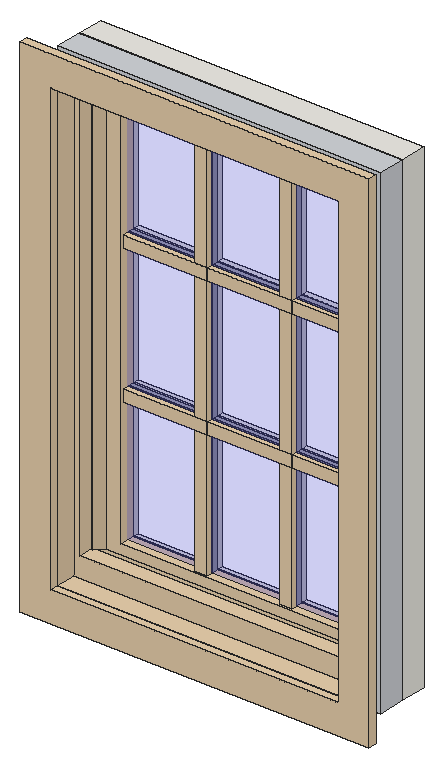
Revit family "Window-Casement-Andersen-E_Series 3", category Windows, host Wall, Revit 2013
Parameters
  Learn About These Parameters = "http://www.andersenwindows.com/for-professionals/cad-symbols-bim-support-window-doors/bim-support"
  LWide = if(Enter Pattern Number = 1, . . Lights Wide, if(Enter Pattern Number = 3, . . .Lights Wide, 3))  # 3
  Glazing Material = Glass ‐ Andersen - Low-E4 SmartSun
  Enter Jamb Condition = 1
  ..Jamb Condition Number 1 = "Extension Jamb Only"  # constant formula
  ..Jamb Condition Number 2 = "Step Jamb"  # constant formula
  ..Jamb Condition Number 3 = "1 Piece Step Jamb"  # constant formula
  ..Jamb Condition Number 4 = "7/16'' Drywall Return"  # constant formula
  ..Jamb Condition Number 5 = "9/16'' Drywall Return"  # constant formula
  ..Jamb Condition Number 6 = "11/16'' Drywall Return"  # constant formula
  Available Grille Bar Sizes = "5/8'', 7/8'', 1 1/8'', 1 1/2'', 2 1/4''"  # constant formula
  Between Glass Grille Bar Sizes = "5/8'', 1''"  # constant formula
  Interior Casing = yes
  Grille Bar Size = 0' - 0 7/8"
  Enter Pattern Number = 1
  ..Pattern Number 1 = "Traditional"  # constant formula
  . . Lights Wide = 3
  . . Lights High = 3
  ..Pattern Number 2 = "Prairie"  # constant formula
  ..Pattern Number 3 = "Craftsman"  # constant formula
  . . .Lights Wide = 3
  Extension Jamb = yes
  . . .Lights High = 1
  . . .Bottom Bar Location = 1' - 6"
  . . .Bottom Bar Size = 0' - 0 7/8"
  Enter Exterior Trim Number = 0
  ..Exterior Trim Number 0 = "No Exterior Trim"  # constant formula
  ..Exterior Trim Number 1 = "2'' Brick Mould (A753)"  # constant formula
  ..Exterior Trim Number 2 = "2'' Ovolo Brick Mould (A754)"  # constant formula
  ..Exterior Trim Number 3 = "3 1/2'' Brick Mould (A755)"  # constant formula
  ..Exterior Trim Number 4 = "3 1/2'' Backband & Bead Casing (A756)"  # constant formula
  ..Exterior Trim Number 5 = "3 1/2'' Flat Casing (A75B)"  # constant formula
  ..Exterior Trim Number 6 = "5 1/2'' Flat Casing (A758)"  # constant formula
  Interior Grille Bar = yes
  Exterior Grille Bar = yes
  Between Glass Grille Bar = yes
  xjamb Visibility [instance] = and(or(and(or(Enter Jamb Condition = 1, Enter Jamb Condition = 2), Wall Depth > 0' 2 7/8"), and(Enter Jamb Condition = 3, Wall Depth > 0' 4 9/16")), Extension Jamb)  # yes
  xjamb S1 [instance] = if(and(Wall Depth > 0' 4 9/16", Enter Jamb Condition = 3), Wall Depth - 0' 4 9/16", if(Wall Depth > 0' 3", Wall Depth - 0' 2 7/8", 0' 3"))  # 0' - 1 11/16"
  sill nose1 = if(or(Enter Exterior Trim Number = 2, Enter Exterior Trim Number = 3), 0' 2 3/4", 0' 1 7/8")  # 0' - 1 7/8"
  sill nose 2 = 0' - 1 1/8"  # constant formula
  casingS2 = if(Enter Exterior Trim Number = 3, 0' 0 7/8", 0' 0 3/8")  # 0' - 0 3/8"
  casingS1 = if(Enter Exterior Trim Number = 1, 0' 0 5/8", if(or(Enter Exterior Trim Number = 2, Enter Exterior Trim Number = 3), 0' 1 1/2", 0' 0 3/8"))  # 0' - 0 3/8"
  casing4 = if(or(Enter Exterior Trim Number = 1, Enter Exterior Trim Number = 2), 0' 1 5/8", if(Enter Exterior Trim Number = 6, 0' 5 1/8", 0' 3 1/8"))  # 0' - 3 1/8"
  casing3 = if(Enter Exterior Trim Number = 1, 0' 0 3/8", if(Enter Exterior Trim Number = 2, 0' 0 5/16", 0' 0 9/16"))  # 0' - 0 9/16"
  casing2 = if(Enter Exterior Trim Number = 1, 0' 0 7/8", if(Enter Exterior Trim Number = 2, 0' 1 9/16", 0' 1 7/16"))  # 0' - 1 7/16"
  casing1 = 0' - 0 1/4"  # constant formula
  Xjamb 2 = if(or(Enter Jamb Condition = 2, Enter Jamb Condition = 3), 0' 0 1/32", 0' 0 11/16")  # 0' - 0 11/16"
  Xjamb 1 = if(or(Enter Jamb Condition = 2, Enter Jamb Condition = 3), 0' 0 5/8", 0' 1 9/32")  # 0' - 1 9/32"
  Wall Thickness [instance] = 0' - 6"
  Wall Depth [instance] = 0' - 4 9/16"
  Void Offset 2 = if(Enter Exterior Trim Number > 0, 0' 1 1/8", 0' 0")  # 0' - 0"
  Void Offset 1 = if(Enter Exterior Trim Number > 0, casing4, 0' 0")  # 0' - 0"
  Void Depth [instance] = if(Wall Thickness > Wall Depth, 0' 1" + Wall Thickness - Wall Depth, 0' 1")  # 0' - 2 7/16"
  VeriLock Sensor [instance] = no
  VGB DLO = if(Enter Pattern Number = 2, 0' 4", (H DLO - (Grille Bar Size * (V Bars))) / if(LWide > 2, LWide, 3))  # 0' - 5.39583"
  V Bars = if(LWide > 2, LWide - 1, 2)  # 2
  URL = "www.eaglewindow.com"
  Type Comments = "Aluminum-clad wood casement window"
  TS V DLO = Height - HGO - SGO  # 2' - 5 15/16"
  TS V Bar Length = if(Enter Pattern Number = 3, . . .Bottom Bar Location - HGO - (. . .Bottom Bar Size / 2), Height - HGO - SGO)  # 2' - 5 15/16"
  TS SH DLO = if(Enter Pattern Number = 3, . . .Bottom Bar Location, (TS V DLO / 2) + HGO)  # 1' - 6"
  TS S V = LWide = 2  # no
  TS S H Craftsman = and(Enter Pattern Number = 3, . . .Lights High = 2)  # no
  TS S H = or(and(. . Lights High = 2, or(or(Enter Pattern Number = 3), Enter Pattern Number = 1)), Enter Pattern Number = 3)  # no
  TS M V = or(or(and(LWide > 2, Enter Pattern Number = 1), Enter Pattern Number = 2), and(LWide > 2, Enter Pattern Number = 3))  # yes
  TS M H = or(or(and(. . Lights High > 2, Enter Pattern Number = 1), Enter Pattern Number = 2), and(. . .Lights High > 2, Enter Pattern Number = 3))  # yes
  TS HGB DLO = if(Enter Pattern Number = 2, 0' 4", if(and(Enter Pattern Number = 3, . . .Lights High > 2), (TS V Bar Length - (Grille Bar Size * (. . .Lights High - 1))) / . . .Lights High, if(. . Lights High > 2, (TS V Bar Length - (Grille Bar Size * (. . Lights High - 1))) / . . Lights High, 0' 4")))  # 0' - 9.39583"
  TS H Bars = if(Enter Pattern Number = 2, 2, if(and(Enter Pattern Number = 3, . . .Lights High > 2), . . .Lights High - 1, if(. . Lights High > 2, . . Lights High - 1, 2)))  # 2
  Step Visibility = or(or(or(or(Enter Jamb Condition = 2, Enter Jamb Condition = 3), Enter Jamb Condition = 4), Enter Jamb Condition = 5), Enter Jamb Condition = 6)  # no
  Step Jamb2 = if(Enter Jamb Condition = 2, 0' 0 21/32", if(Enter Jamb Condition = 3, 0' 1 11/16", if(Enter Jamb Condition = 4, 0' 0 7/16", if(Enter Jamb Condition = 5, 0' 0 9/16", 0' 0 11/16"))))  # 0' - 0 11/16"
  Step Jamb1 = if(Enter Jamb Condition = 2, 0' 0 21/32", 0' 1 9/32")  # 0' - 1 9/32"
  Sill Stop Dim [instance] = if(Push Out, 0' 2 7/16", 0' 2 25/32")  # 0' - 2 25/32"
  SGO = 0' - 3 1/32"  # constant formula
  Rough Width = Width + (Rough Opening Offset * 2)  # 2' - 0 1/2"
  Rough Opening Offset = 0' - 0 1/4"
  Rough Height = Height + (Rough Opening Offset * 2)  # 3' - 0 1/2"
  Push Out Stop Visibility [instance] = Push Out  # no
  Push Out [instance] = no
  Product Documentation Link = "http://www.eaglewindow.com/_Products/Eagle-Axiom-Casement-Windows.aspx"
  Plan Exterior Mask Visibility [instance] = Plan Exterior Mask 2 > 0' 0 1/32"  # yes
  Plan Exterior Mask 2 [instance] = if(Enter Exterior Trim Number > 0, if(Wall Depth + 0' 1 1/16" + casingS1 > Wall Thickness, 0' 0 1/32", Wall Thickness - Wall Depth - 0' 1 1/16" - casingS1), if(Wall Depth + 0' 1 1/16" > Wall Thickness, 0' 0 1/32", Wall Thickness - Wall Depth - 0' 0 1/16"))  # 0' - 1 3/8"
  Plan Exterior Mask [instance] = if(Enter Exterior Trim Number > 0, 0' 1 1/16" + casingS1, 0' 1 1/16")  # 0' - 1 1/16"
  Nail Fin Visibility = Enter Exterior Trim Number = 0  # yes
  Model = "E-Series Casement"  # constant formula
  Masonry Width = if(Enter Exterior Trim Number > 0, Width + ((casing4 + Masonry Opening Offset) * 2), Width + (Masonry Opening Offset * 2))  # 2' - 0 1/2"
  Masonry Opening Offset = 0' - 0 1/4"
  Masonry Height = if(Enter Exterior Trim Number > 0, Height + (casing4 + Masonry Opening Offset) + (sill nose 2 + Masonry Opening Offset), Height + (Masonry Opening Offset * 2))  # 3' - 0 1/2"
  Manufacturer = "Andersen Corporation"  # constant formula
  JGO = 0' - 3 1/32"  # constant formula
  Interior Trim Visibility = and(or(or(Enter Jamb Condition = 1, Enter Jamb Condition = 2), Enter Jamb Condition = 3), Interior Casing)  # yes
  Interior Material = Wood - Andersen - Pine
  Interior Casing Size = 0' - 2 1/4"
  Horizontal Craftsman Bar Size = if(Enter Pattern Number = 3, . . .Bottom Bar Size, Grille Bar Size)  # 0' - 0 7/8"
  Height = 3' - 0"
  Head Stop Dim [instance] = if(Push Out, 0' 2 7/16", 0' 1 7/8")  # 0' - 1 7/8"
  HGO = 0' - 3 1/32"  # constant formula
  H DLO = Width - (JGO * 2)  # 1' - 5 15/16"
  Family Version = "06.01.14"  # constant formula
  Exterior Trim Finish = Aluminum - Andersen - Painted - White
  Exterior Sash Finish = Aluminum - Andersen - Painted - White
  Exterior Grille Bar Finish = Aluminum - Andersen - Painted - White
  Exterior Frame Finish = Aluminum - Andersen - Painted - White
  Designation = "CMT2030"
  Description = "Aluminum-clad wood casement window"  # constant formula
  Default Sill Height = 6' 10 1/2" - Rough Height  # 3' - 10"
  Wall Closure = By host
  Width = 2' - 0"
  Crank Out Stop Visibility [instance] = Crank Out  # yes
  Crank Out [instance] = not(Push Out)  # yes
  Coarse Plan [instance] = if(Wall Depth < Wall Thickness, Wall Depth, Wall Thickness)  # 0' - 4 9/16"
  Casing Visibility = Enter Exterior Trim Number > 0  # no
  Between Glass Grille Bar Finish = Stainless Steel - Andersen - Standard
  Bar Center Line = if(Enter Pattern Number = 3, 1, 2)  # 2
  Assembly Code = "B2020100"
Reference planes (in)
  plane 1 "Center (Front/Back)": y = 0
  plane 2: z = 0
  plane 3 "Center (Left/Right)": x = 0
  plane 4 "R Frame": x = -12
  plane 5 "L Frame": x = 12
  plane 6 "B Frame": z = 46.25
  plane 7 "T Frame": z = 82.25
  plane 8 "L Glazing": x = 8.96875
  plane 9 "L Ext Frame": x = 11.43719
  plane 10 "L Stop": x = 10.0625
  plane 11 "L Xjamb 1": x = 10.71875
  plane 12 "L Casing 1": x = 11.75
  plane 13 "L Xjamb 2": x = 11.3125
  plane 14 "L Rough Opening": x = 12.25
  plane 15 "L Casing 2": x = 13.6875
  plane 16 "L Casing 3": x = 14.5625
  plane 17 "L Casing 4": x = 15.125
  plane 18 "R Glazing": x = -8.96875
  plane 19 "R Ext Frame": x = -11.43719
  plane 20 "R Stop": x = -10.0625
  plane 21 "R Xjamb 1": x = -10.71875
  plane 22 "R Casing 1": x = -11.75
  plane 23 "R Xjamb 2": x = -11.3125
  plane 24 "R Rough Opening": x = -12.25
  plane 25 "R Casing 2": x = -13.6875
  plane 26 "R Casing 3": x = -14.5625
  plane 27 "R Casing 4": x = -15.125
  plane 28 "R Int Casing": x = -12.96875
  plane 29 "T Glazing": z = 79.21875
  plane 30 "T Ext Frame": z = 81.68689
  plane 31 "T Xjamb 1": z = 80.96875
  plane 32 "T Casing 1": z = 82
  plane 33 "T Xjamb 2": z = 81.5625
  plane 34 "T Rough Opening": z = 82.5
  plane 35 "T Casing 2": z = 83.9375
  plane 36 "T Casing 3": z = 84.8125
  plane 37 "T Casing 4": z = 85.375
  plane 38 "T Int Casing": z = 83.21875
  plane 39 "B Glazing": z = 49.28125
  plane 40 "B Ext Frame": z = 46.81311
  plane 41 "B Xjamb 2": z = 46.9375
  plane 42 "B Casing 1": z = 46.5
  plane 43 "B Casing 2": z = 45.125
  plane 44 "B Int Casing": z = 45.28125
  plane 45 "L Int Casing": x = 12.96875
  plane 46 "Casing S1": y = 3
  plane 47 "Casing S2": y = 3
  plane 48 "Frame S1": y = 2.625
  plane 49 "Flange": y = 1.5625
  plane 50 "Glass1 S1": y = 1.89325
  plane 51 "Glass1 S2": y = 1.76825
  plane 52 "Glass1 S3": y = 1.39325
  plane 53 "Glass1 S4": y = 1.26825
  plane 54 "Sash1 S2": y = 0.68575
  plane 55 "Frame S2": y = -1.317
  plane 56 "B Xjamb 1": z = 47.53125
  plane 57 "Exterior Offset": y = 4
  plane 58 "Interior Casing": y = -3.625
  plane 59 "Vertical Bar Length": z = 49.28125
  plane 60 "B Rough Opening": z = 46
  plane 61 "R Masonry Opening": x = -15.375
  plane 62 "L Masonry Opening": x = 15.375
  plane 63 "T Masonry Opening": z = 85.625
  plane 64 "B Masonry Opening": z = 44.875
  plane 65 "Xjamb S1": y = -1.3125
  plane 66 "Sash1 S1": y = 2.26825
  plane 67 "R Sash": x = -11.24846
  plane 68 "L Sash": x = 11.24846
  plane 69 "Stop S1": y = -1.505
  plane 70 "B Sash": z = 46.99975
  plane 71 "T Sash": z = 81.5
  plane 72 "T Int Frame": z = 80.9375
  plane 73 "B Int Frame": z = 47.5625
  plane 74 "L Int Frame": x = 10.6875
  plane 75 "R Int Frame": x = -10.6875
  plane 76 "T Stop": z = 80.375
  plane 77 "B Stop": z = 49.03125
Forms (in)
  Extrusion 1, void
    sketch origin (0, 0, 0) x (1, 0, 0) y (0, 0, 1)
      loop
        line (12, 82.25) -> (-12, 82.25) -> (-12, 46.25) -> (12, 46.25) -> (12, 82.25)
    from -1.5625 to 3
  Extrusion 2, void
    sketch origin (0, 0, 0) x (1, 0, 0) y (0, 0, 1)
      loop
        line (12, 82.25) -> (-12, 82.25) -> (-12, 46.25) -> (12, 46.25) -> (12, 82.25)
    from -15 to -1.5625
  Extrusion 3, solid, material "Wood - Andersen - Pine" <- "Interior Material", visible <- "xjamb Visibility", detail levels medium+fine
    sketch origin (0, -2.5625, 0) x (-1, 0, 0) y (0, 0, 1)
      loop
        line (11.3125, 81.5625) -> (-11.3125, 81.5625) -> (-11.3125, 46.9375) -> (11.3125, 46.9375) -> (11.3125, 81.5625)
      loop
        line (10.71875, 80.96875) -> (-10.71875, 80.96875) -> (-10.71875, 47.53125) -> (10.71875, 47.53125) -> (10.71875, 80.96875)
    from 1.25 to -0.4375
  Extrusion 4, solid, material "Wood - Andersen - Pine" <- "Interior Material", visible <- "Interior Trim Visibility", detail levels fine
    sketch origin (0, -3.625, 0) x (-1, 0, 0) y (0, 0, 1)
      loop
        line (12.96875, 83.21875) -> (-12.96875, 83.21875) -> (-12.96875, 45.28125) -> (12.96875, 45.28125) -> (12.96875, 83.21875)
      loop
        line (10.71875, 80.96875) -> (-10.71875, 80.96875) -> (-10.71875, 47.53125) -> (10.71875, 47.53125) -> (10.71875, 80.96875)
    from 0 to 0.625
  Extrusion 5, solid, material "Aluminum - Andersen - Painted - White" <- "Exterior Trim Finish", visible <- "Casing Visibility", detail levels medium+fine
    sketch origin (0, 0, 0) x (0, 1, 0) y (0, 0, 1)
      loop
        line (2.625, 46.5) -> (1.5625, 46.5) -> (1.5625, 45.125) -> (3.4375, 45.125) -> (3.4375, 46.38581) -> (2.625, 46.5)
    from -15.125 to 15.125
  Sweep 6, solid, material "Aluminum - Andersen - Painted - White" <- "Exterior Trim Finish", visible <- "Casing Visibility", detail levels medium+fine
    path origin (0, 1.5625, 0) x (-1, 0, 0) y (0, 0, 1)
      loop
        line (-15.125, 45.125) -> (-15.125, 85.375) -> (15.125, 85.375) -> (15.125, 45.125)
    profile origin (15.125, 1.5625, 65.25) x (1, 0, 0) y (0, 1, 0)
      loop
        line (-1.4375, 1.4375) -> (-3.375, 1.4375) -> (-3.375, 0) -> (0, 0) -> (0, 1.4375) -> (-0.5625, 1.4375) -> (-1.4375, 1.4375)
  Extrusion 7, solid, material "Aluminum - Andersen - Painted - White" <- "Exterior Trim Finish", visible <- "Casing Visibility", detail levels coarse
    sketch origin (0, 1.5625, 0) x (-1, 0, 0) y (0, 0, 1)
      loop
        line (-15.125, 85.375) -> (-15.125, 45.125) -> (15.125, 45.125) -> (15.125, 85.375) -> (-15.125, 85.375)
      loop
        line (-11.75, 82) -> (-11.75, 46.5) -> (11.75, 46.5) -> (11.75, 82) -> (-11.75, 82)
    from 0 to 1.4375
  Extrusion 8, solid, material "Wood - Andersen - Pine" <- "Interior Material"
    sketch origin (0, 0.68575, 0) x (-1, 0, 0) y (0, 0, 1)
      loop
        line (11.24846, 81.5) -> (-11.24846, 81.5) -> (-11.24846, 46.99975) -> (11.24846, 46.99975) -> (11.24846, 81.5)
      loop
        line (8.96875, 79.21875) -> (-8.96875, 79.21875) -> (-8.96875, 49.28125) -> (8.96875, 49.28125) -> (8.96875, 79.21875)
    from 0 to 1.2075
  Extrusion 9, solid, material "Aluminum - Andersen - Painted - White" <- "Exterior Sash Finish"
    sketch origin (0, 80.71747, 0) x (-1, 0, 0) y (0, 0, 1)
      loop
        line (-8.96875, 79.21875) -> (-8.96875, 49.28125) -> (8.96875, 49.28125) -> (8.96875, 79.21875) -> (-8.96875, 79.21875)
      loop
        line (-11.24846, 46.99975) -> (11.24846, 46.99975) -> (11.24846, 81.5) -> (-11.24846, 81.5) -> (-11.24846, 46.99975)
    from -78.44922 to -78.82422
  Extrusion 10, solid, material "Glass ‐ Andersen - Low-E4 SmartSun" <- "Glazing Material"
    sketch origin (0, 1.26825, 0) x (-1, 0, 0) y (0, 0, 1)
      loop
        line (-8.96875, 79.21875) -> (-8.96875, 49.28125) -> (8.96875, 49.28125) -> (8.96875, 79.21875) -> (-8.96875, 79.21875)
    from 0 to 0.625
  Extrusion 11, solid, material "Aluminum - Andersen - Painted - White" <- "Exterior Frame Finish"
    sketch origin (0, 0, 0) x (1, 0, 0) y (0, 0, 1)
      loop
        line (12, 82.25) -> (-12, 82.25) -> (-12, 46.25) -> (12, 46.25) -> (12, 82.25)
      loop
        line (11.43719, 81.68689) -> (-11.43719, 81.68689) -> (-11.43719, 46.81311) -> (11.43719, 46.81311) -> (11.43719, 81.68689)
    from -2.625 to -0.68575
  Extrusion 12, solid
    sketch origin (0, 0, 0) x (1, 0, 0) y (0, 0, 1)
      loop
        line (12, 82.25) -> (-12, 82.25) -> (-12, 46.25) -> (12, 46.25) -> (12, 82.25)
      loop
        line (10.6875, 80.9375) -> (-10.6875, 80.9375) -> (-10.6875, 47.5625) -> (10.6875, 47.5625) -> (10.6875, 80.9375)
    from -0.68575 to 1.317
  Extrusion 13, solid, material "Wood - Andersen - Pine" <- "Interior Material", visible <- "Crank Out", detail levels medium+fine
    sketch origin (0, 0, 0) x (0, 1, 0) y (0, 0, 1)
      loop
        line (-1.505, 49.0325) -> (-1.505, 47.5625) -> (0.68575, 47.5625) -> (0.68575, 48.60191) -> (-0.32931, 49.0325) -> (-1.505, 49.0325)
    from -10.6875 to 10.6875
  Extrusion 14, solid, material "Wood - Andersen - Pine" <- "Interior Material", visible <- "Crank Out", detail levels medium+fine
    sketch origin (0, 0, 0) x (1, 0, 0) y (0, 1, 0)
      loop
        line (-10.6875, -1.505) -> (-10.2505, -1.505) -> (-10.2505, -0.505) -> (-10.0625, -0.505) -> (-10.0625, 0.68575) -> (-10.6875, 0.68575) -> (-10.6875, -1.505)
      loop
        line (10.6875, -1.505) -> (10.6875, 0.68575) -> (10.0625, 0.68575) -> (10.0625, -0.505) -> (10.2505, -0.505) -> (10.2505, -1.505) -> (10.6875, -1.505)
    from 47.5625 to 80.9375
  Extrusion 15, solid, material "Wood - Andersen - Pine" <- "Interior Material", visible <- "Crank Out", detail levels medium+fine
    sketch origin (0, 0, 0) x (0, 1, 0) y (0, 0, 1)
      loop
        line (0.68575, 80.9375) -> (-1.505, 80.9375) -> (-1.505, 80.3755) -> (0.68575, 80.3755) -> (0.68575, 80.9375)
    from -10.6875 to 10.6875
  Sweep 16, solid, material "Wood - Andersen - Pine" <- "Interior Material", visible <- "Step Visibility", detail levels medium+fine
    path origin (0, 1.5625, 0) x (-1, 0, 0) y (0, 0, 1)
      loop
        line (12, 46.25) -> (12, 82.25) -> (-12, 82.25) -> (-12, 46.25) -> (12, 46.25)
    profile origin (-12, 1.5625, 64.25) x (1, 0, 0) y (0, 1, 0)
      loop
        line (0, -2.8795) -> (0, -3.567) -> (1.28125, -3.567) -> (1.28125, -2.8795) -> (0, -2.8795)
  Extrusion 17, solid, material "Wood - Andersen - Pine" <- "Interior Material", visible <- "Push Out", detail levels medium+fine
    sketch origin (0, 0, 47.5625) x (0, -1, 0) y (1, 0, 0)
      loop
        line (-0.68575, 10.0625) -> (0.505, 10.0625) -> (0.505, 10.3125) -> (1.505, 10.3125) -> (1.505, 10.6875) -> (-0.68575, 10.6875) -> (-0.68575, 10.0625)
      loop
        line (-0.68575, -10.6875) -> (1.505, -10.6875) -> (1.505, -10.3125) -> (0.505, -10.3125) -> (0.505, -10.0625) -> (-0.68575, -10.0625) -> (-0.68575, -10.6875)
    from 0 to 33.375
  Extrusion 18, solid, material "Wood - Andersen - Pine" <- "Interior Material", visible <- "Push Out", detail levels medium+fine
    sketch origin (0, 0, 0) x (0, 1, 0) y (0, 0, 1)
      loop
        line (0.68575, 80.9375) -> (-1.505, 80.9375) -> (-1.505, 80.5625) -> (-0.505, 80.5625) -> (-0.505, 79.8125) -> (0.68575, 79.8125) -> (0.68575, 80.9375)
      loop
        line (0.68575, 48.6875) -> (-0.505, 48.6875) -> (-0.505, 47.9375) -> (-1.505, 47.9375) -> (-1.505, 47.5625) -> (0.68575, 47.5625) -> (0.68575, 48.6875)
    from -10.6875 to 10.6875
Cuts and joins
  joined: Extrusion 5, Sweep 6
  joined: Extrusion 13, Extrusion 14, Extrusion 15
  joined: Extrusion 17, Extrusion 18
Lines and regions (in)
  Masking region 1, detail levels medium+fine
    outline origin (0, 0, 46.25) x (0, -1, 0) y (1, 0, 0)
      loop
        line (-2.625, -12) -> (1.317, -12) -> (1.317, -10.6875) -> (1.505, -10.6875) -> (1.505, 10.6875) -> (1.317, 10.6875) -> (1.317, 12) -> (-2.625, 12) -> (-2.625, -12)
  Masking region 2, visible <- "Casing Visibility", detail levels medium+fine
    outline origin (0, 0, 46.25) x (0, -1, 0) y (1, 0, 0)
      loop
        line (-2.625, -12) -> (-2.625, 12) -> (-1.5625, 12) -> (-1.5625, 15.125) -> (-3, 15.125) -> (-3, -15.125) -> (-1.5625, -15.125) -> (-1.5625, -12) -> (-2.625, -12)
  Masking region 3, visible <- "Nail Fin Visibility", detail levels coarse
    outline origin (0, 0, 46.25) x (0, -1, 0) y (1, 0, 0)
      loop
        line (-4, -12) -> (3, -12) -> (3, 12) -> (-4, 12) -> (-4, -12)
  Masking region 4
    outline origin (0, 0, 0) x (0, 1, 0) y (0, 0, 1)
      loop
        line (2.625, 82.25) -> (-1.317, 82.25) -> (-1.317, 80.9375) -> (-1.505, 80.9375) -> (-1.505, 47.5625) -> (-1.317, 47.5625) -> (-1.317, 46.25) -> (2.625, 46.25) -> (2.625, 82.25)
  Masking region 5, visible <- "Casing Visibility"
    outline origin (0, 0, 0) x (0, 1, 0) y (0, 0, 1)
      loop
        line (2.625, 46.5) -> (2.625, 46.25) -> (1.5625, 46.25) -> (1.5625, 45.125) -> (3.4375, 45.125) -> (3.4375, 46.38581) -> (2.625, 46.5)
  Masking region 6, visible <- "Casing Visibility"
    outline origin (0, 0, 0) x (0, 1, 0) y (0, 0, 1)
      loop
        line (2.625, 82.25) -> (2.625, 46.5) -> (3, 46.4473) -> (3, 85.375) -> (1.5625, 85.375) -> (1.5625, 82.25) -> (2.625, 82.25)
  Masking region 7, visible <- "Casing Visibility"
    outline origin (0, 2.625, 0) x (-1, 0, 0) y (0, 0, 1)
      loop
        line (-15.125, 85.375) -> (-15.125, 45.125) -> (15.125, 45.125) -> (15.125, 85.375) -> (-15.125, 85.375)
  Masking region 8
    outline origin (0, 2.625, 0) x (-1, 0, 0) y (0, 0, 1)
      loop
        line (-12, 82.25) -> (-12, 46.25) -> (12, 46.25) -> (12, 82.25) -> (-12, 82.25)
  Masking region 9
    outline origin (0, -1.317, 0) x (-1, 0, 0) y (0, 0, 1)
      loop
        line (12, 82.25) -> (-12, 82.25) -> (-12, 46.25) -> (12, 46.25) -> (12, 82.25)
  Masking region 10, visible <- "Interior Trim Visibility", detail levels fine
    outline origin (0, -3.625, 0) x (-1, 0, 0) y (0, 0, 1)
      loop
        line (12.96875, 83.21875) -> (-12.96875, 83.21875) -> (-12.96875, 45.28125) -> (12.96875, 45.28125) -> (12.96875, 83.21875)
      loop
        line (10.71875, 80.96875) -> (-10.71875, 80.96875) -> (-10.71875, 47.53125) -> (10.71875, 47.53125) -> (10.71875, 80.96875)
  Masking region 11, visible <- "Casing Visibility", detail levels coarse
    outline origin (0, 0, 46.25) x (0, -1, 0) y (1, 0, 0)
      loop
        line (-4, -15.125) -> (-1.5625, -15.125) -> (-1.5625, -12) -> (3, -12) -> (3, 12) -> (-1.5625, 12) -> (-1.5625, 15.125) -> (-4, 15.125) -> (-4, -15.125)
  Masking region 12, visible <- "Step Visibility", detail levels medium+fine
    outline origin (0, 0, 0) x (0, 1, 0) y (0, 0, 1)
      loop
        line (-1.3125, 82.25) -> (-2.0045, 82.25) -> (-2.0045, 46.25) -> (-1.3125, 46.25) -> (-1.3125, 47.5625) -> (-1.505, 47.5625) -> (-1.505, 80.9375) -> (-1.3125, 80.9375) -> (-1.3125, 82.25)
  Masking region 13, visible <- "xjamb Visibility", detail levels medium+fine
    outline origin (0, 0, 0) x (0, 1, 0) y (0, 0, 1)
      loop
        line (-1.3125, 81.5625) -> (-3, 81.5625) -> (-3, 46.9375) -> (-1.3125, 46.9375) -> (-1.3125, 47.5625) -> (-1.505, 47.5625) -> (-1.505, 80.9375) -> (-1.3125, 80.9375) -> (-1.3125, 81.5625)
  Masking region 14, visible <- "Interior Trim Visibility", detail levels fine
    outline origin (0, 0, 0) x (0, 1, 0) y (0, 0, 1)
      loop
        line (-3, 83.21875) -> (-3.625, 83.21875) -> (-3.625, 45.28125) -> (-3, 45.28125) -> (-3, 83.21875)
  Masking region 15, visible <- "Step Visibility", detail levels medium+fine
    outline origin (0, 0, 46.25) x (0, -1, 0) y (1, 0, 0)
      loop
        line (1.3125, -12) -> (2.0045, -12) -> (2.0045, 12) -> (1.3125, 12) -> (1.3125, 10.6875) -> (1.505, 10.6875) -> (1.505, -10.6875) -> (1.3125, -10.6875) -> (1.3125, -12)
  Masking region 16, visible <- "xjamb Visibility", detail levels medium+fine
    outline origin (0, 0, 46.25) x (0, -1, 0) y (1, 0, 0)
      loop
        line (1.3125, -11.3125) -> (3, -11.3125) -> (3, 11.3125) -> (1.3125, 11.3125) -> (1.3125, 10.6875) -> (1.505, 10.6875) -> (1.505, -10.6875) -> (1.3125, -10.6875) -> (1.3125, -11.3125)
  Masking region 17, visible <- "Interior Trim Visibility", detail levels fine
    outline origin (0, 0, 46.25) x (0, -1, 0) y (1, 0, 0)
      loop
        line (3, -12.96875) -> (3.625, -12.96875) -> (3.625, 12.96875) -> (3, 12.96875) -> (3, -12.96875)
  symbolic lines, style "WindowsFrameMullionProjection", visible <- "Casing Visibility", detail levels fine
    curve 1: line (14.5625, 3, 46.25) -> (13.6875, 3, 46.25)
    curve 2: line (13.6875, 3, 46.25) -> (11.75, 3, 46.25)
    curve 3: line (11.75, 3, 46.25) -> (11.75, 2.625, 46.25)
    curve 4: line (-14.5625, 3, 46.25) -> (-13.6875, 3, 46.25)
    curve 5: line (-13.6875, 3, 46.25) -> (-11.75, 3, 46.25)
    curve 6: line (-11.75, 3, 46.25) -> (-11.75, 2.625, 46.25)
  symbolic lines, style "WindowsGlassProjection", detail levels medium+fine
    curve 7: line (-8.96875, 1.89325, 46.25) -> (8.96875, 1.89325, 46.25)
    curve 10: line (-8.96875, 1.26825, 46.25) -> (8.96875, 1.26825, 46.25)
  symbolic lines, style "WindowsGlassProjection", detail levels fine
    curve 8: line (-8.96875, 1.76825, 46.25) -> (8.96875, 1.76825, 46.25)
    curve 9: line (-8.96875, 1.39325, 46.25) -> (8.96875, 1.39325, 46.25)
    curve 27: line (0, 1.76825, 79.21875) -> (0, 1.76825, 49.28125)
    curve 28: line (0, 1.39325, 79.21875) -> (0, 1.39325, 49.28125)
    curve 86: line (-8.96875, 1.76875, 0) -> (-9.59375, 1.76875, 0)
    curve 87: line (-8.96875, 1.39375, 0) -> (-9.59375, 1.39375, 0)
    curve 88: line (-9.0935, 1.39375, 0) -> (-9.0935, 1.76875, 0)
    curve 111: line (8.96875, 1.76875, 0) -> (9.59375, 1.76875, 0)
    curve 112: line (8.96875, 1.39375, 0) -> (9.59375, 1.39375, 0)
    curve 113: line (9.0935, 1.39375, 0) -> (9.0935, 1.76875, 0)
    curve 148: line (0, 1.76825, 49.28125) -> (0, 1.76825, 48.65625)
    curve 149: line (0, 1.39325, 49.28125) -> (0, 1.39325, 48.65625)
    curve 150: line (0, 1.76825, 49.15625) -> (0, 1.39325, 49.15625)
    curve 157: line (0, 1.76825, 79.85419) -> (0, 1.76825, 79.21875)
    curve 158: line (0, 1.39325, 79.85419) -> (0, 1.39325, 79.21875)
    curve 159: line (0, 1.76825, 79.35419) -> (0, 1.39325, 79.35419)
  symbolic lines, style "WindowsFrameMullionProjection", detail levels medium
    curve 11: line (-11.24846, 2.26825, 46.25) -> (-8.96875, 2.26825, 46.25)
    curve 12: line (-8.96875, 2.26825, 46.25) -> (-8.96875, 0.68575, 46.25)
    curve 13: line (-8.96875, 0.68575, 46.25) -> (-11.24846, 0.68575, 46.25)
    curve 14: line (-11.24846, 2.625, 46.25) -> (-11.24846, 0.68575, 46.25)
    curve 15: line (11.24846, 2.26825, 46.25) -> (8.96875, 2.26825, 46.25)
    curve 16: line (8.96875, 2.26825, 46.25) -> (8.96875, 0.68575, 46.25)
    curve 17: line (8.96875, 0.68575, 46.25) -> (11.24846, 0.68575, 46.25)
    curve 18: line (11.24846, 2.625, 46.25) -> (11.24846, 0.68575, 46.25)
    curve 114: line (11.24846, 0.68575, 0) -> (10.0625, 0.68575, 0)
    curve 115: line (10.0625, 0.68575, 0) -> (10.0625, -1.505, 0)
    curve 116: line (-11.24846, 0.68575, 0) -> (-10.0625, 0.68575, 0)
    curve 117: line (-10.0625, 0.68575, 0) -> (-10.0625, -1.505, 0)
  symbolic lines, style "WindowsFrameMullionProjection", detail levels coarse
    curve 19: line (-10.0625, -3, 46.25) -> (-10.0625, 4, 46.25)
    curve 20: line (10.0625, -3, 46.25) -> (10.0625, 4, 46.25)
  symbolic lines, style "WindowsGlassProjection", detail levels coarse
    curve 21: line (-10.0625, 0, 46.25) -> (10.0625, 0, 46.25)
    curve 22: line (-10.0625, 1, 46.25) -> (10.0625, 1, 46.25)
  symbolic lines, style "WindowsFrameMullionProjection", visible <- "Casing Visibility"
    curve 23: line (0, 3, 84.8125) -> (0, 3, 83.9375)
    curve 24: line (0, 3, 83.9375) -> (0, 3, 82)
    curve 25: line (0, 3, 82) -> (0, 2.625, 82)
    curve 46: line (0, 1.5625, 87) -> (0, 1.5625, 85.375)
    curve 47: line (0, 1.5625, 43.5) -> (0, 1.5625, 45.125)
  symbolic lines, style "WindowsGlassProjection"
    curve 26: line (0, 1.89325, 79.21875) -> (0, 1.89325, 49.28125)
    curve 29: line (0, 1.26825, 79.21875) -> (0, 1.26825, 49.28125)
  symbolic lines, style "WindowsFrameMullionProjection", detail levels medium+fine
    curve 30: line (11.24846, 2.625, 81.5) -> (-11.24846, 2.625, 81.5)
    curve 31: line (11.24846, 2.625, 46.99975) -> (11.24846, 2.625, 81.5)
    curve 32: line (-11.24846, 2.625, 46.99975) -> (11.24846, 2.625, 46.99975)
    curve 33: line (-11.24846, 2.625, 81.5) -> (-11.24846, 2.625, 46.99975)
    curve 38: line (-10.0625, -1.317, 80.375) -> (10.0625, -1.317, 80.375)
    curve 39: line (-10.0625, -1.317, 49.03125) -> (-10.0625, -1.317, 80.375)
    curve 40: line (10.0625, -1.317, 49.03125) -> (-10.0625, -1.317, 49.03125)
    curve 41: line (10.0625, -1.317, 80.375) -> (10.0625, -1.317, 49.03125)
    curve 214: line (-10.6875, -1.317, 80.9375) -> (10.6875, -1.317, 80.9375)
    curve 215: line (-10.6875, -1.317, 47.5625) -> (-10.6875, -1.317, 80.9375)
    curve 216: line (10.6875, -1.317, 47.5625) -> (-10.6875, -1.317, 47.5625)
    curve 217: line (10.6875, -1.317, 80.9375) -> (10.6875, -1.317, 47.5625)
  symbolic lines, style "WindowsFrameMullionProjection"
    curve 34: line (8.96875, 0, 79.21875) -> (-8.96875, 0, 79.21875)
    curve 35: line (8.96875, 0, 49.28125) -> (8.96875, 0, 79.21875)
    curve 36: line (-8.96875, 0, 79.21875) -> (-8.96875, 0, 49.28125)
    curve 37: line (-8.96875, 0, 49.28125) -> (8.96875, 0, 49.28125)
    curve 118: line (0, 1.23295, 81.59341) -> (0, 2.625, 81.68689)
    curve 119: line (0, 0.54925, 81.59341) -> (0, 1.23295, 81.59341)
    curve 120: line (0, 0.54925, 80.9375) -> (0, 0.54925, 81.59341)
    curve 121: line (0, -1.505, 80.9375) -> (0, 0.68525, 80.9375)
    curve 123: line (0, 1.71775, 81.16594) -> (0, 0.68525, 81.16594)
    curve 124: line (0, 0.68525, 81.16594) -> (0, 0.68525, 79.85419)
    curve 125: line (0, 0.68525, 79.85419) -> (0, 1.89325, 79.85419)
    curve 126: line (0, 1.26825, 79.21875) -> (0, 1.26825, 79.85419)
    curve 127: line (0, 2.26775, 79.49519) -> (0, 2.26775, 81.5)
    curve 128: line (0, 2.26775, 81.5) -> (0, 1.71775, 81.5)
    curve 129: line (0, 1.71775, 81.5) -> (0, 1.71775, 81.16594)
    curve 135: line (0, -1.505, 47.5625) -> (0, 0.54925, 47.5625)
    curve 136: line (0, 1.23295, 46.90659) -> (0, 2.625, 46.81311)
    curve 137: line (0, 0.54925, 46.90659) -> (0, 1.23295, 46.90659)
    curve 138: line (0, 0.54925, 47.5625) -> (0, 0.54925, 46.90659)
    curve 139: line (0, 1.71775, 47.3445) -> (0, 0.68525, 47.3445)
    curve 140: line (0, 0.68525, 47.3445) -> (0, 0.68525, 48.65625)
    curve 141: line (0, 0.68525, 48.65625) -> (0, 1.89325, 48.65625)
    curve 142: line (0, 2.26775, 49.01525) -> (0, 2.26775, 46.99975)
    curve 143: line (0, 2.26775, 46.99975) -> (0, 1.71775, 46.99975)
    curve 144: line (0, 1.71775, 46.99975) -> (0, 1.71775, 47.3445)
    curve 145: line (0, 1.26825, 49.28125) -> (0, 1.26825, 48.65625)
    curve 146: line (0, 0.76524, 48.65625) -> (0, 0.76524, 49.19256)
    curve 147: line (0, 0.76524, 49.19256) -> (0, 1.26825, 49.28125)
    curve 151: line (0, 1.89325, 48.65625) -> (0, 1.89325, 49.28125)
    curve 152: line (0, 1.89325, 49.28125) -> (0, 2.02974, 49.28125)
    curve 153: line (0, 2.02974, 49.28125) -> (0, 2.16974, 49.01525)
    curve 154: line (0, 2.16974, 49.01525) -> (0, 2.26775, 49.01525)
    curve 155: line (0, 1.26825, 79.21875) -> (0, 0.77624, 79.3055)
    curve 156: line (0, 0.77624, 79.3055) -> (0, 0.77624, 79.85419)
    curve 160: line (0, 2.26775, 79.49519) -> (0, 2.18074, 79.49519)
    curve 161: line (0, 2.18074, 79.49519) -> (0, 2.03524, 79.21875)
    curve 162: line (0, 2.03524, 79.21875) -> (0, 1.89325, 79.21875)
    curve 163: line (0, 1.89325, 79.21875) -> (0, 1.89325, 79.85419)
  symbolic lines, style "WindowsFrameMullionProjection", visible <- "Casing Visibility", detail levels medium
    curve 42: line (-12, 2.625, 46.25) -> (-12, 3, 46.25)
    curve 43: line (12, 3, 46.25) -> (12, 2.625, 46.25)
  symbolic lines, style "WindowsFrameMullionProjection", visible <- "Casing Visibility", detail levels medium+fine
    curve 44: line (15.125, 1.5625, 46.25) -> (16.75, 1.5625, 46.25)
    curve 45: line (-16.75, 1.5625, 46.25) -> (-15.125, 1.5625, 46.25)
  symbolic lines, style "WindowsFrameMullionProjection", visible <- "Nail Fin Visibility", detail levels medium+fine
    curve 48: line (-12.00179, 1.5625, 0) -> (-13.50179, 1.5625, 0)
    curve 92: line (12.00179, 1.5625, 0) -> (13.50179, 1.5625, 0)
  symbolic lines, style "WindowsFrameMullionProjection", detail levels fine
    curve 49: line (-10.68929, -1.505, 0) -> (-10.68929, 0.68575, 0)
    curve 50: line (-10.06429, 0.68575, 0) -> (-10.06429, -0.505, 0)
    curve 51: line (-11.34521, 1.22845, 0) -> (-11.43899, 2.625, 0)
    curve 52: line (-11.34521, 0.54475, 0) -> (-11.34521, 1.22845, 0)
    curve 53: line (-10.68929, 0.54475, 0) -> (-11.34521, 0.54475, 0)
    curve 54: line (-9.59375, 0.68575, 0) -> (-11.1875, 0.68575, 0)
    curve 55: line (-11.1875, 0.68575, 0) -> (-11.1875, 1.71825, 0)
    curve 56: line (-11.1875, 1.71825, 0) -> (-11.25025, 1.71825, 0)
    curve 57: line (-11.25025, 1.71825, 0) -> (-11.25025, 2.26825, 0)
    curve 58: line (-11.25025, 2.26825, 0) -> (-9.2345, 2.26825, 0)
    curve 59: line (-8.96875, 2.03037, 0) -> (-8.96875, 1.89375, 0)
    curve 60: line (-8.96875, 1.89375, 0) -> (-9.59375, 1.89375, 0)
    curve 61: line (-9.59375, 1.89375, 0) -> (-9.59375, 0.68575, 0)
    curve 62: line (-8.96875, 1.26875, 0) -> (-9.59375, 1.26875, 0)
    curve 63: line (-9.05744, 0.76574, 0) -> (-8.96875, 1.26875, 0)
    curve 64: line (-9.59375, 0.76574, 0) -> (-9.05744, 0.76574, 0)
    curve 82: line (-9.2345, 2.26825, 0) -> (-9.2345, 2.17024, 0)
    curve 83: line (-9.2345, 2.17024, 0) -> (-8.96875, 2.03037, 0)
    curve 93: line (10.68929, -1.505, 0) -> (10.68929, 0.68575, 0)
    curve 94: line (10.06429, 0.68575, 0) -> (10.06429, -0.505, 0)
    curve 95: line (11.34521, 1.22845, 0) -> (11.43899, 2.625, 0)
    curve 96: line (11.34521, 0.54475, 0) -> (11.34521, 1.22845, 0)
    curve 97: line (10.68929, 0.54475, 0) -> (11.34521, 0.54475, 0)
    curve 98: line (9.59375, 0.68575, 0) -> (11.1875, 0.68575, 0)
    curve 99: line (11.1875, 0.68575, 0) -> (11.1875, 1.71825, 0)
    curve 100: line (11.1875, 1.71825, 0) -> (11.25025, 1.71825, 0)
    curve 101: line (11.25025, 1.71825, 0) -> (11.25025, 2.26825, 0)
    curve 102: line (11.25025, 2.26825, 0) -> (9.2345, 2.26825, 0)
    curve 103: line (8.96875, 2.03037, 0) -> (8.96875, 1.89375, 0)
    curve 104: line (8.96875, 1.89375, 0) -> (9.59375, 1.89375, 0)
    curve 105: line (9.59375, 1.89375, 0) -> (9.59375, 0.68575, 0)
    curve 106: line (8.96875, 1.26875, 0) -> (9.59375, 1.26875, 0)
    curve 107: line (9.05744, 0.76574, 0) -> (8.96875, 1.26875, 0)
    curve 108: line (9.59375, 0.76574, 0) -> (9.05744, 0.76574, 0)
    curve 109: line (9.2345, 2.26825, 0) -> (9.2345, 2.17024, 0)
    curve 110: line (9.2345, 2.17024, 0) -> (8.96875, 2.03037, 0)
    curve 220: line (-10.06429, -0.505, 0) -> (-10.2505, -0.505, 0)
    curve 221: line (-10.2505, -0.505, 0) -> (-10.2505, -1.505, 0)
    curve 224: line (10.06429, -0.505, 0) -> (10.2505, -0.505, 0)
    curve 225: line (10.2505, -0.505, 0) -> (10.2505, -1.505, 0)
  symbolic lines, style "WindowsFrameMullionProjection", visible <- "Nail Fin Visibility", not visible, detail levels medium+fine
    curve 65: line (-35.97166, 120.69666, 0) -> (-37.47166, 120.69666, 0)
  symbolic lines, style "WindowsFrameMullionProjection", not visible, detail levels fine
    curve 66: line (-34.65916, 117.62916, 0) -> (-34.65916, 119.81991, 0)
    curve 67: line (-34.03416, 119.81991, 0) -> (-34.03416, 118.62916, 0)
    curve 68: line (-35.31507, 120.36262, 0) -> (-35.40885, 121.75916, 0)
    curve 69: line (-35.31507, 119.67891, 0) -> (-35.31507, 120.36262, 0)
    curve 70: line (-34.65916, 119.67891, 0) -> (-35.31507, 119.67891, 0)
    curve 71: line (-33.56362, 119.81991, 0) -> (-35.15737, 119.81991, 0)
    curve 72: line (-35.15737, 119.81991, 0) -> (-35.15737, 120.85241, 0)
    curve 73: line (-35.15737, 120.85241, 0) -> (-35.22012, 120.85241, 0)
    curve 74: line (-35.22012, 120.85241, 0) -> (-35.22012, 121.40241, 0)
    curve 75: line (-35.22012, 121.40241, 0) -> (-33.20437, 121.40241, 0)
    curve 76: line (-32.93862, 121.16454, 0) -> (-32.93862, 121.02791, 0)
    curve 77: line (-32.93862, 121.02791, 0) -> (-33.56362, 121.02791, 0)
    curve 78: line (-33.56362, 121.02791, 0) -> (-33.56362, 119.81991, 0)
    curve 79: line (-32.93862, 120.40291, 0) -> (-33.56362, 120.40291, 0)
    curve 80: line (-33.02731, 119.8999, 0) -> (-32.93862, 120.40291, 0)
    curve 81: line (-33.56362, 119.8999, 0) -> (-33.02731, 119.8999, 0)
    curve 84: line (-33.20437, 121.40241, 0) -> (-33.20437, 121.3044, 0)
    curve 85: line (-33.20437, 121.3044, 0) -> (-32.93862, 121.16454, 0)
    curve 222: line (-34.03416, 118.62916, 0) -> (-34.22037, 118.62916, 0)
    curve 223: line (-34.22037, 118.62916, 0) -> (-34.22037, 117.62916, 0)
  symbolic lines, style "WindowsGlassProjection", not visible, detail levels fine
    curve 89: line (-32.93862, 120.90291, 0) -> (-33.56362, 120.90291, 0)
    curve 90: line (-32.93862, 120.52791, 0) -> (-33.56362, 120.52791, 0)
    curve 91: line (-33.06337, 120.52791, 0) -> (-33.06337, 120.90291, 0)
    curve 180: line (0, 53.78669, 80.65786) -> (0, 53.78669, 80.02241)
    curve 181: line (0, 53.41169, 80.65786) -> (0, 53.41169, 80.02241)
    curve 182: line (0, 53.78669, 80.15786) -> (0, 53.41169, 80.15786)
    curve 206: line (0, 33.04084, 82.71061) -> (0, 33.04084, 82.08561)
    curve 207: line (0, 32.66584, 82.71061) -> (0, 32.66584, 82.08561)
    curve 208: line (0, 33.04084, 82.58561) -> (0, 32.66584, 82.58561)
  symbolic lines, style "WindowsFrameMullionProjection", visible <- "Crank Out"
    curve 122: line (0, 0.68525, 80.3755) -> (0, -1.505, 80.3755)
    curve 130: line (0, -0.1015, 48.5) -> (0, 0.68525, 48.5)
    curve 131: line (0, 0.68525, 48.60212) -> (0, -0.32931, 49.0325)
    curve 132: line (0, -0.32931, 49.0325) -> (0, -1.505, 49.0325)
    curve 133: line (0, -0.5005, 48.2775) -> (0, -0.1015, 48.5)
    curve 134: line (0, -0.5005, 47.5625) -> (0, -0.5005, 48.2775)
  symbolic lines, style "WindowsFrameMullionProjection", visible <- "Nail Fin Visibility"
    curve 164: line (0, 1.5625, 83.875) -> (0, 1.5625, 82.25)
    curve 165: line (0, 1.5625, 46.25) -> (0, 1.5625, 44.625)
  symbolic lines, style "WindowsFrameMullionProjection", not visible
    curve 166: line (0, 53.2514, 82.39708) -> (0, 54.64344, 82.49055)
    curve 167: line (0, 52.56769, 82.39708) -> (0, 53.2514, 82.39708)
    curve 168: line (0, 52.56769, 81.74116) -> (0, 52.56769, 82.39708)
    curve 169: line (0, 50.51344, 81.74116) -> (0, 52.70369, 81.74116)
    curve 171: line (0, 53.73619, 81.96961) -> (0, 52.70369, 81.96961)
    curve 172: line (0, 52.70369, 81.96961) -> (0, 52.70369, 80.65786)
    curve 173: line (0, 52.70369, 80.65786) -> (0, 53.91169, 80.65786)
    curve 174: line (0, 53.28669, 80.02241) -> (0, 53.28669, 80.65786)
    curve 175: line (0, 54.28619, 80.29886) -> (0, 54.28619, 82.30366)
    curve 176: line (0, 54.28619, 82.30366) -> (0, 53.73619, 82.30366)
    curve 177: line (0, 53.73619, 82.30366) -> (0, 53.73619, 81.96961)
    curve 178: line (0, 53.28669, 80.02241) -> (0, 52.79469, 80.10917)
    curve 179: line (0, 52.79469, 80.10917) -> (0, 52.79469, 80.65786)
    curve 183: line (0, 54.28619, 80.29886) -> (0, 54.19919, 80.29886)
    curve 184: line (0, 54.19919, 80.29886) -> (0, 54.05369, 80.02241)
    curve 185: line (0, 54.05369, 80.02241) -> (0, 53.91169, 80.02241)
    curve 186: line (0, 53.91169, 80.02241) -> (0, 53.91169, 80.65786)
    curve 193: line (0, 29.76759, 80.99186) -> (0, 31.82184, 80.99186)
    curve 194: line (0, 32.50554, 80.33594) -> (0, 33.89759, 80.24246)
    curve 195: line (0, 31.82184, 80.33594) -> (0, 32.50554, 80.33594)
    curve 196: line (0, 31.82184, 80.99186) -> (0, 31.82184, 80.33594)
    curve 197: line (0, 32.99034, 80.77386) -> (0, 31.95784, 80.77386)
    curve 198: line (0, 31.95784, 80.77386) -> (0, 31.95784, 82.08561)
    curve 199: line (0, 31.95784, 82.08561) -> (0, 33.16584, 82.08561)
    curve 200: line (0, 33.54034, 82.44461) -> (0, 33.54034, 80.42911)
    curve 201: line (0, 33.54034, 80.42911) -> (0, 32.99034, 80.42911)
    curve 202: line (0, 32.99034, 80.42911) -> (0, 32.99034, 80.77386)
    curve 203: line (0, 32.54084, 82.71061) -> (0, 32.54084, 82.08561)
    curve 204: line (0, 32.03783, 82.08561) -> (0, 32.03783, 82.62191)
    curve 205: line (0, 32.03783, 82.62191) -> (0, 32.54084, 82.71061)
    curve 209: line (0, 33.16584, 82.08561) -> (0, 33.16584, 82.71061)
    curve 210: line (0, 33.16584, 82.71061) -> (0, 33.30233, 82.71061)
    curve 211: line (0, 33.30233, 82.71061) -> (0, 33.44233, 82.44461)
    curve 212: line (0, 33.44233, 82.44461) -> (0, 33.54034, 82.44461)
  symbolic lines, style "WindowsFrameMullionProjection", visible <- "Crank Out", not visible
    curve 170: line (0, 52.70369, 81.17916) -> (0, 50.51344, 81.17916)
    curve 188: line (0, 31.17109, 81.92936) -> (0, 31.95784, 81.92936)
    curve 189: line (0, 31.95784, 82.03148) -> (0, 30.94328, 82.46186)
    curve 190: line (0, 30.94328, 82.46186) -> (0, 29.76759, 82.46186)
    curve 191: line (0, 30.77209, 81.70686) -> (0, 31.17109, 81.92936)
    curve 192: line (0, 30.77209, 80.99186) -> (0, 30.77209, 81.70686)
  symbolic lines, style "WindowsFrameMullionProjection", visible <- "Nail Fin Visibility", not visible
    curve 187: line (0, 53.58094, 84.67866) -> (0, 53.58094, 83.05366)
    curve 213: line (0, 32.83509, 79.67936) -> (0, 32.83509, 78.05436)
  symbolic lines, style "Elevation Swing"
    curve 218: line (11.24846, 0, 81.5) -> (-11.24846, 0, 64.53125)
    curve 219: line (-11.24846, 0, 64.53125) -> (11.24846, 0, 46.99975)
  symbolic lines, style "WindowsFrameMullionProjection", visible <- "Push Out"
    curve 226: line (0, 0.68525, 79.85419) -> (0, -0.505, 79.85419)
    curve 227: line (0, -0.505, 79.85419) -> (0, -0.505, 80.5625)
    curve 228: line (0, -0.505, 80.5625) -> (0, -1.505, 80.5625)
    curve 232: line (0, -0.5005, 48.65625) -> (0, 0.68525, 48.65625)
    curve 233: line (0, -0.5005, 47.9375) -> (0, -0.5005, 48.65625)
    curve 234: line (0, -0.5005, 47.9375) -> (0, -1.505, 47.9375)
    curve 238: line (0, 0.54925, 47.5625) -> (0, 0.68525, 47.5625)
  symbolic lines, style "WindowsFrameMullionProjection", visible <- "Push Out", not visible
    curve 229: line (0, 52.70369, 80.65786) -> (0, 51.51344, 80.65786)
    curve 230: line (0, 51.51344, 80.65786) -> (0, 51.51344, 81.36616)
    curve 231: line (0, 51.51344, 81.36616) -> (0, 50.51344, 81.36616)
    curve 235: line (0, 30.77209, 82.08561) -> (0, 31.95784, 82.08561)
    curve 236: line (0, 30.77209, 81.36686) -> (0, 30.77209, 82.08561)
    curve 237: line (0, 30.77209, 81.36686) -> (0, 29.76759, 81.36686)
    curve 239: line (0, 31.82184, 80.99186) -> (0, 31.95784, 80.99186)
  symbolic lines, style "InvisibleLines", detail levels coarse
    curve 240: line (-12, -3, 0) -> (12, -3, 0)
  symbolic lines, style "WindowsFrameMullionProjection", visible <- "Step Visibility", detail levels medium+fine
    curve 241: line (0, -1.3125, 80.9375) -> (0, -2.0045, 80.9375)
    curve 244: line (0, -1.3125, 47.5625) -> (0, -2.0045, 47.5625)
    curve 247: line (-10.6875, -1.3125, 46.25) -> (-10.6875, -2.0045, 46.25)
    curve 250: line (10.6875, -1.3125, 46.25) -> (10.6875, -2.0045, 46.25)
  symbolic lines, style "WindowsFrameMullionProjection", visible <- "xjamb Visibility", detail levels medium+fine
    curve 242: line (0, -1.3125, 80.96875) -> (0, -3, 80.96875)
    curve 245: line (0, -1.3125, 47.53125) -> (0, -3, 47.53125)
    curve 248: line (-10.71875, -1.3125, 46.25) -> (-10.71875, -3, 46.25)
    curve 251: line (10.71875, -1.3125, 46.25) -> (10.71875, -3, 46.25)
  symbolic lines, style "WindowsFrameMullionProjection", visible <- "Interior Trim Visibility", detail levels fine
    curve 243: line (0, -3, 80.96875) -> (0, -3.625, 80.96875)
    curve 246: line (0, -3, 47.53125) -> (0, -3.625, 47.53125)
    curve 249: line (-10.71875, -3, 46.25) -> (-10.71875, -3.625, 46.25)
    curve 252: line (10.71875, -3, 46.25) -> (10.71875, -3.625, 46.25)
Text (in)
  text "EXTERIOR" at (-58.6888, 50.90694, 0), in view "Ref. Level"
  text "INTERIOR" at (-58.6888, -37.76638, 0), in view "Ref. Level"
  text "Exterior" at (0, 43.65631, 123.19604), in view "Left"
  text "Exterior" at (0, 18.29385, 125.04747), in view "Right"
Dimensions and locks (in)
  equal spacing: plane 4 "R Frame", plane 3 "Center (Left/Right)", plane 5 "L Frame"
  "Width": plane 4 "R Frame" to plane 5 "L Frame"
  "Height": plane 6 "B Frame" to plane 7 "T Frame"
  locked: plane 48 "Frame S1" to plane 49 "Flange" at 1.0625
  locked: plane 50 "Glass1 S1" to plane 49 "Flange" at 0.33075
  locked: plane 51 "Glass1 S2" to plane 49 "Flange" at 0.20575
  locked: plane 49 "Flange" to plane 52 "Glass1 S3" at 0.16925
  locked: plane 49 "Flange" to plane 53 "Glass1 S4" at 0.29425
  locked: plane 49 "Flange" to plane 54 "Sash1 S2" at 0.87675
  locked: plane 49 "Flange" to plane 55 "Frame S2" at 2.8795
  "casingS2": plane 47 "Casing S2" to plane 48 "Frame S1"
  "casingS1": plane 46 "Casing S1" to plane 48 "Frame S1"
  "Xjamb 2": plane 33 "T Xjamb 2" to plane 7 "T Frame"
  "casing1": plane 32 "T Casing 1" to plane 7 "T Frame"
  "Xjamb 1": plane 31 "T Xjamb 1" to plane 7 "T Frame"
  plane 30 "T Ext Frame" to plane 7 "T Frame" = 0' - 0.56311"
  "HGO": plane 29 "T Glazing" to plane 7 "T Frame"
  "Rough Opening Offset": plane 7 "T Frame" to plane 34 "T Rough Opening"
  "casing4": plane 7 "T Frame" to plane 37 "T Casing 4"
  "Xjamb 2": plane 6 "B Frame" to plane 41 "B Xjamb 2"
  locked: plane 6 "B Frame" to plane 42 "B Casing 1" at 0.25
  "Xjamb 1": plane 6 "B Frame" to plane 56 "B Xjamb 1"
  locked: plane 6 "B Frame" to plane 40 "B Ext Frame" at 0.56311
  "SGO": plane 6 "B Frame" to plane 39 "B Glazing"
  "sill nose 2": plane 43 "B Casing 2" to plane 6 "B Frame"
  "casing4": plane 5 "L Frame" to plane 17 "L Casing 4"
  "casing4": plane 27 "R Casing 4" to plane 4 "R Frame"
  "casing3": plane 36 "T Casing 3" to plane 37 "T Casing 4"
  "casing2": plane 35 "T Casing 2" to plane 37 "T Casing 4"
  "casing3": plane 27 "R Casing 4" to plane 26 "R Casing 3"
  "casing2": plane 27 "R Casing 4" to plane 25 "R Casing 2"
  "casing1": plane 4 "R Frame" to plane 22 "R Casing 1"
  "casing1": plane 12 "L Casing 1" to plane 5 "L Frame"
  "casing3": plane 16 "L Casing 3" to plane 17 "L Casing 4"
  "casing2": plane 15 "L Casing 2" to plane 17 "L Casing 4"
  locked: plane 57 "Exterior Offset" to host wall at 1
  "Void Offset 1": plane 7 "T Frame" to Extrusion 2 sketch curve
  "Void Offset 1": Extrusion 2 sketch curve to plane 4 "R Frame"
  "Void Offset 1": plane 5 "L Frame" to Extrusion 2 sketch curve
  "Void Offset 2": Extrusion 2 sketch curve to plane 6 "B Frame"
  "Interior Casing Size": plane 28 "R Int Casing" to plane 21 "R Xjamb 1"
  "Interior Casing Size": plane 11 "L Xjamb 1" to plane 45 "L Int Casing"
  "Interior Casing Size": plane 31 "T Xjamb 1" to plane 38 "T Int Casing"
  "Interior Casing Size": plane 44 "B Int Casing" to plane 56 "B Xjamb 1"
  "Xjamb 1": plane 4 "R Frame" to plane 21 "R Xjamb 1"
  locked: plane 4 "R Frame" to plane 20 "R Stop" at 1.9375
  locked: plane 4 "R Frame" to plane 19 "R Ext Frame" at 0.56281
  "JGO": plane 4 "R Frame" to plane 18 "R Glazing"
  locked: plane 10 "L Stop" to plane 5 "L Frame" at 1.9375
  locked: plane 9 "L Ext Frame" to plane 5 "L Frame" at 0.56281
  "JGO": plane 8 "L Glazing" to plane 5 "L Frame"
  "Xjamb 1": plane 11 "L Xjamb 1" to plane 5 "L Frame"
  "Wall Thickness": host wall to host wall
  locked: plane 1 "Center (Front/Back)" to curve 22 at 1
  "sill nose1": Masking region 5 sketch curve to plane 49 "Flange"
  locked: level to plane 7 "T Frame" at 82.25
  locked: plane 17 "L Casing 4" to curve 44 at 1.625
  locked: curve 45 to plane 27 "R Casing 4" at 1.625
  locked: plane 37 "T Casing 4" to curve 46 at 1.625
  locked: curve 47 to plane 43 "B Casing 2" at 1.625
  "TS SH DLO": nested 2 to plane 7 "T Frame"
  "VGB DLO": nested 3 to plane 8 "L Glazing"
  group 2 to group 1 = 0' - 6.27083"
  group 1 to group 2 = 0' - 0"  (x2)
  "VGB DLO": plane 18 "R Glazing" to nested 5
  group 3 to group 4 = 0' - 0"  (x2)
  group 3 to group 4 = 0' - 10.27083"
  "TS HGB DLO": nested 6 to plane 29 "T Glazing"
  "TS HGB DLO": plane 59 "Vertical Bar Length" to nested 4
  "TS V Bar Length": plane 59 "Vertical Bar Length" to plane 29 "T Glazing"
  equal spacing: plane 59 "Vertical Bar Length", nested 7, plane 29 "T Glazing"
  "Rough Opening Offset": plane 60 "B Rough Opening" to plane 6 "B Frame"
  "Masonry Opening Offset": plane 61 "R Masonry Opening" to plane 27 "R Casing 4"
  "Masonry Opening Offset": plane 17 "L Casing 4" to plane 62 "L Masonry Opening"
  "Masonry Opening Offset": plane 37 "T Casing 4" to plane 63 "T Masonry Opening"
  "Masonry Opening Offset": plane 64 "B Masonry Opening" to plane 43 "B Casing 2"
  "sill nose1": Extrusion 5 sketch curve to plane 49 "Flange"
  "Void Depth": plane 57 "Exterior Offset" to Extrusion 2
  "Wall Depth": host wall to plane 49 "Flange"
  "Void Depth": plane 57 "Exterior Offset" to Masking region 11 sketch curve  (x2)
  locked: plane 58 "Interior Casing" to host wall at 0.625
  locked: Extrusion 2 to host wall at 12
  "Rough Opening Offset": plane 24 "R Rough Opening" to plane 4 "R Frame"
  "Rough Opening Offset": plane 5 "L Frame" to plane 14 "L Rough Opening"
  "Xjamb 2": plane 13 "L Xjamb 2" to plane 5 "L Frame"
  "Xjamb 2": plane 4 "R Frame" to plane 23 "R Xjamb 2"
  locked: plane 66 "Sash1 S1" to plane 49 "Flange" at 0.70575
  locked: plane 4 "R Frame" to plane 67 "R Sash" at 0.75154
  locked: plane 68 "L Sash" to plane 5 "L Frame" at 0.75154
  locked: plane 55 "Frame S2" to Masking region 1 sketch curve at 0.188
  locked: plane 49 "Flange" to plane 69 "Stop S1" at 3.0675
  locked: plane 6 "B Frame" to plane 70 "B Sash" at 0.74975
  locked: plane 71 "T Sash" to plane 7 "T Frame" at 0.75
  locked: plane 72 "T Int Frame" to plane 7 "T Frame" at 1.3125
  locked: plane 6 "B Frame" to plane 73 "B Int Frame" at 1.3125
  locked: plane 74 "L Int Frame" to plane 5 "L Frame" at 1.3125
  locked: plane 4 "R Frame" to plane 75 "R Int Frame" at 1.3125
  locked: Extrusion 14 sketch curve to plane 20 "R Stop" at 0.188
  locked: Extrusion 14 sketch curve to plane 69 "Stop S1" at 1  (x2)
  locked: plane 10 "L Stop" to Extrusion 14 sketch curve at 0.188
  host wall to Extrusion 14 = 0' - 1.505"
  locked: plane 4 "R Frame" to Sweep 16 sketch curve at 1.28125
  "Step Jamb1": Sweep 16 sketch curve to Sweep 16 sketch curve
  "Step Jamb2": plane 55 "Frame S2" to Sweep 16 sketch curve
  "xjamb S1": host wall to plane 65 "Xjamb S1"
  locked: Extrusion 17 sketch curve to plane 69 "Stop S1" at 1  (x2)
  locked: Extrusion 17 sketch curve to plane 74 "L Int Frame" at 0.375
  locked: plane 75 "R Int Frame" to Extrusion 17 sketch curve at 0.375
  locked: Extrusion 18 sketch curve to plane 69 "Stop S1" at 1  (x2)
  locked: Extrusion 18 sketch curve to plane 72 "T Int Frame" at 1.125
  locked: Extrusion 18 sketch curve to plane 72 "T Int Frame" at 0.375
  locked: plane 73 "B Int Frame" to Extrusion 18 sketch curve at 0.375
  locked: plane 73 "B Int Frame" to Extrusion 18 sketch curve at 1.125
  locked: Extrusion 15 sketch curve to Extrusion 15 sketch curve at 0.562
  locked: plane 73 "B Int Frame" to Extrusion 13 sketch curve at 1.03941
  locked: plane 73 "B Int Frame" to Extrusion 13 sketch curve at 1.47
  locked: Extrusion 13 sketch curve to Extrusion 13 sketch curve at 1.17569
  "Head Stop Dim": plane 76 "T Stop" to plane 7 "T Frame"
  "Sill Stop Dim": plane 6 "B Frame" to plane 77 "B Stop"
  equal spacing: plane 73 "B Int Frame", curve 219, plane 71 "T Sash"
  locked: plane 42 "B Casing 1" to Masking region 5 sketch curve (angle 8.00°)
  locked: plane 42 "B Casing 1" to Masking region 6 sketch curve (angle 8.00°)
  locked: plane 42 "B Casing 1" to Extrusion 5 sketch curve (angle 8.00°)
  aligned and locked: level to plane 2
  aligned and locked: plane 7 "T Frame" to Extrusion 1 sketch curve
  aligned and locked: plane 5 "L Frame" to Extrusion 1 sketch curve
  aligned and locked: Extrusion 1 sketch curve to plane 4 "R Frame"
  aligned and locked: Extrusion 1 sketch curve to plane 6 "B Frame"
  aligned and locked: host wall to Extrusion 1
  aligned and locked: plane 49 "Flange" to Extrusion 1
  aligned and locked: Masking region 1 sketch curve to plane 48 "Frame S1"
  aligned and locked: Masking region 1 sketch curve to plane 4 "R Frame"
  aligned and locked: plane 5 "L Frame" to Masking region 1 sketch curve
  aligned and locked: plane 49 "Flange" to Masking region 2 sketch curve  (x2)
  aligned and locked: plane 4 "R Frame" to Masking region 2 sketch curve
  aligned and locked: plane 48 "Frame S1" to Masking region 2 sketch curve
  aligned and locked: Masking region 2 sketch curve to plane 5 "L Frame"
  aligned and locked: plane 17 "L Casing 4" to Masking region 2 sketch curve
  aligned and locked: Masking region 2 sketch curve to plane 46 "Casing S1"
  aligned and locked: plane 16 "L Casing 3" to curve 1
  aligned and locked: plane 46 "Casing S1" to curve 1
  aligned and locked: plane 47 "Casing S2" to curve 1
  aligned and locked: plane 12 "L Casing 1" to curve 3
  aligned and locked: plane 48 "Frame S1" to curve 3
  aligned and locked: plane 15 "L Casing 2" to curve 2
  aligned and locked: Masking region 2 sketch curve to plane 27 "R Casing 4"
  aligned and locked: plane 26 "R Casing 3" to curve 4
  aligned and locked: plane 46 "Casing S1" to curve 4
  aligned and locked: curve 5 to plane 47 "Casing S2"
  aligned and locked: plane 25 "R Casing 2" to curve 5
  aligned and locked: plane 18 "R Glazing" to curve 8
  aligned and locked: plane 8 "L Glazing" to curve 8
  aligned and locked: curve 7 to plane 50 "Glass1 S1"
  aligned and locked: curve 8 to plane 51 "Glass1 S2"
  aligned and locked: curve 9 to plane 52 "Glass1 S3"
  aligned and locked: curve 10 to plane 53 "Glass1 S4"
  aligned and locked: plane 18 "R Glazing" to curve 12
  aligned and locked: plane 48 "Frame S1" to curve 18
  aligned and locked: curve 17 to plane 54 "Sash1 S2"
  aligned and locked: plane 8 "L Glazing" to curve 16
  aligned and locked: Masking region 3 sketch curve to plane 4 "R Frame"
  aligned and locked: plane 5 "L Frame" to Masking region 3 sketch curve
  aligned and locked: Masking region 3 sketch curve to plane 57 "Exterior Offset"
  aligned and locked: plane 57 "Exterior Offset" to curve 19
  aligned and locked: plane 57 "Exterior Offset" to curve 20
  aligned and locked: host wall to curve 21
  aligned and locked: plane 7 "T Frame" to Masking region 4 sketch curve
  aligned and locked: Masking region 4 sketch curve to plane 6 "B Frame"
  aligned and locked: Masking region 4 sketch curve to plane 48 "Frame S1"
  aligned and locked: plane 48 "Frame S1" to Masking region 5 sketch curve
  aligned and locked: plane 42 "B Casing 1" to Masking region 5 sketch curve
  aligned and locked: Masking region 5 sketch curve to plane 48 "Frame S1"
  aligned and locked: Masking region 5 sketch curve to plane 49 "Flange"
  aligned and locked: Masking region 5 sketch curve to plane 6 "B Frame"
  aligned and locked: plane 43 "B Casing 2" to Masking region 5 sketch curve
